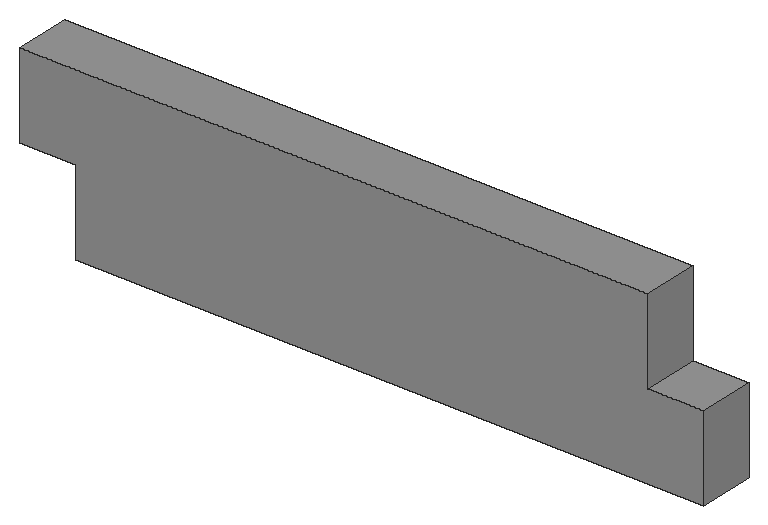
Revit family "Stonepanel_Orient_ESP", category Modelos genéricos, Revit 2015
Parameters (values of type "Stonepanel® SKY Orient. 15,2 cm - 61 cm")
  Ventajas de Stonepanel = "Eficaz: Instalación ágil y sencilla : 10 veces más rápido que la mampostería tradicional (Ritmo medio de colocación de 20 m2/día). Mayor rentabilidad gracias al menor desperdicio de material en obra y a la durabilidad de un producto natural frente a otros revestimientos. La colocación de los paneles no requiere mano de obra ni maquinaria especializada.\r\nSeguro: Un sistema de anclaje patentado, de acero inoxidable, que permite su instalación a más de 2 metros de altura. Base de cemento homogénea y rugosa que garantiza la adhesión y permite el corte sin desprendimiento.\r\nCalidad: Control permanente del proceso de producción desde la oficina I+D+I. Una cuidada selección de piedra natural realizada por los expertos de CUPASTONE. Disponibilidad de piezas especiales para adaptarse perfectamente a cada edificio: esquinas (macizas, rectas, dobles o para ventanas), cubremuros, y otros complementarios.\r\nEstética: Forma de “S” que evita la visión de las juntas para homogenizar el aspecto final. Gran variedad de paneles para elegir entre colores y acabados de piedra natural. La propia belleza y exclusividad de la piedra natural: Cada piedra es\r\núnica."
  Usos Indicados = "Revestimiento de Paredes exteriores e interiores en edificaciones nuevas o rehabilitaciones"
  Uniclass 2015 = "Pr_25_71_14_56 Natural stone panels"
  Uniclass 2 = "Pr_25_71_14_56 Natural stone panels"
  URL = "http://www.cupastone.es/producto/stonepanel-orient/"
  Sistema de anclaje = "Cinta perforada en acero inoxidable:\r\n- Naturaleza del acero: AISI 316 (1.4401) o AISI 304 (1.4301)\r\n- Espesor mínimo (mm) : 0,7\r\n- Ancho (mm) : 12 a 15\r\n- Diámetro del hueco (mm) : 6 ± 1\r\n\r\nTacos:\r\nLa elección de los tacos y clavijas de fijación debe ser realizada teniendo en cuenta la acción en depresión del viento (muros exteriores) y de la resistencia de los tacos en el soporte, en función de la naturaleza del soporte."
  Resistencia al fuego = "No combustible"
  Resistencia a la flexión = "-"
  Resistencia al hielo = "Sin alteraciones despues de 50 ciclos"
  Resistencia = "Buena resistencia"
  Peso = "6,5 kg"
  Oxidación = "No oxida"
  Otros datos de interés del producto = "Dispone de un anclaje para instalar a alturas superiores a 2 metros"
  Omniclass = "23-15 15 15 11"
  Número de serie = "SPZ-14R"
  NBS Reference = "45-25-45/380 Natural stone panels"
  Modelo = "Stonepanel® SKY Orient"
  Material = "Cuarcita dorada con tonalidades tierra y gris claro que conforman una combinación elegante y luminosa para proyectos tanto modernos como rústicos."
  Limpieza = "En general, los paneles no requieren mantenimiento y son auto- limpiantes, pero la eliminación de algunos tipos de marcas pueden requerir un tratamiento especializado.\r\nEn caso de suciedad anormal, la superficie puede limpiarse con una mezcla / detergente doméstico y agua caliente , aplicada con una almohadilla de limpieza adecuado o una esponja."
  Largo = 610 mm
  Impacto = "-"
  Imagen de tipo = <Ninguno>
  H1 = 76 mm
  Formato = "610x152"
  Forma de suministro = "Los paneles se presentan en parejas, en un embalaje plástico o en cajas de cartón de 3 o 4 piezas."
  Forma = "Forma de \"s\""
  Fabricante = "Cupastone"
  Envejecimiento por cambio térmicos = "Sin alteraciones despues de 20 ciclos."
  Ensayos realizados por SINTEF = "Ensayo a los materiales de piedra, Ensayos a los paneles, Durabilidad y absorción de agua"
  Ensayos realizados por DIBt = "Adherencia entre piedra y mortero, Adherencia entre piedra y mortero tras 50 ciclos de hielo-deshielo"
  Ensayos realizados por BBA = "Resistencia a daños por heladicidad, Resistencia a choque térmico, Adherencia entre piedra y mortero, Resistencia al arrancamiento del anclaje, Resistencia a impacto"
  Ensayos realizados por Avis Technique = "Resistencia mecánica del anclaje, Resistencia mecánica de la cinta de seguridad, Ensayo de durabilidad tras la acción del agua, Ensayo de durabilidad tras la acción del hielo, Ensayo sísmico"
  Durabilidad = "Según el certificado BBA, el sistema tiene una vida de diseño superior a 30 años."
  Detalles constructivos = "Detalles de:\r\n- Instalación con perfil metálico\r\n- Instalación de Stonepanel\r\n- Instalación en muro interior\r\n- Instalación del elemento de seguridad (cinta perforada + tacos)\r\n- Esquinas entrantes\r\n- Esquinas salientes\r\n- Esquinas salientes pre-fabricadas\r\n- Esquinas salientes mediante serrado del panel\r\n- Esquinas salientes sin continuidad de Stonepanel (caso de una fachada lateral)\r\n- Bordes superiores\r\n- Sobre parapeto\r\n- Marco de vano"
  Desfase de altura = 0 mm
  Descripción = "Pieza de piedra natural montada sobre una base de cemento y reforzada con una malla de fibra de vidrio .\r\nPosee sistema de anclaje patentado, de acero inoxidable, que permite su instalación a más de 2 metros de altura"
  Densidad aparente = "77 kg/m2"
  Color secundario = "Gris"
  Color principal = "Crema"
  Certificaciones = "BBA - Reino Unido, Avis Technique - Francia, DIBt - Alemania, SINTEF - Noruega"
  Aspecto = "Contemporáneo"
  Ancho = 50 mm
  Alto = 152 mm
  Adherencia del mortero = ">1N/mm2"
  Acabado = "Natural"
  Absorción = "Baja absorción"
Types (2): name
  Stonepanel® SKY Orient
  Stonepanel® SKY Orient. 15,2 cm - 61 cm
Reference planes
  plane 1 "Muro": y = 0
  plane 2 "Centro (Izquierda/Derecha)": x = 125
  plane 3 "Posterior": y = 75
Forms (mm)
  Extrusion 1, solid, material "Stonepanel® SKY Orient"
    sketch origin (0, 160, 1120) x (1, 0, 0) y (0, 0, 1)
      loop
        line (125, -1120) -> (125, -1044) -> (75, -1044) -> (75, -968) -> (-485, -968) -> (-485, -1044) -> (-435, -1044) -> (-435, -1120) -> (125, -1120)
    from 35 to 85
Lines and regions (mm)
  reference lines
    curve 1: line (-485, 0, 76) -> (235, 0, 76)
Text (mm)
  text "Cara de colocación" at (-1848.837, 1116.779, 0), in view "Nivel de referencia"
  text "Cara de colocación" at (0, 1409.804, 2854.306), in view "Izquierda"
  text "Cara de colocación" at (0, 499.811, 2980.732), in view "Derecha"
Dimensions and locks
  locked: plane 3 "Posterior" to host wall
  locked: Extrusion 1 to plane 3 "Posterior" at 0
  "Ancho": Extrusion 1 to Extrusion 1
  "Largo": Extrusion 1 to Extrusion 1
  "H1": level to Extrusion 1
  "Desfase de altura": level to Extrusion 1
  locked: Extrusion 1 to Extrusion 1 at 50  (x2)
  "Alto": level to Extrusion 1
  "H1": Extrusion 1 to Extrusion 1
  aligned and locked: plane 1 "Muro" to host wall
Automatic sketch dimensions
  Extrusion 1 sketch curve to level = 0 mm
  Extrusion 1 sketch curve to plane 2 "Centro (Izquierda/Derecha)" = 0 mm
  Extrusion 1 sketch curve to plane 2 "Centro (Izquierda/Derecha)" = 50 mm
  Extrusion 1 sketch curve to Extrusion 1 sketch curve = 510 mm
  Extrusion 1 sketch curve to Extrusion 1 sketch curve = 50 mm
  level to Extrusion 1 sketch curve = 76 mm  (x2)
  Extrusion 1 sketch curve to Extrusion 1 sketch curve = 76 mm
  level to curve 1 = 76 mm
  curve 1 to plane 2 "Centro (Izquierda/Derecha)" = 610 mm
  plane 2 "Centro (Izquierda/Derecha)" to curve 1 = 110 mm
